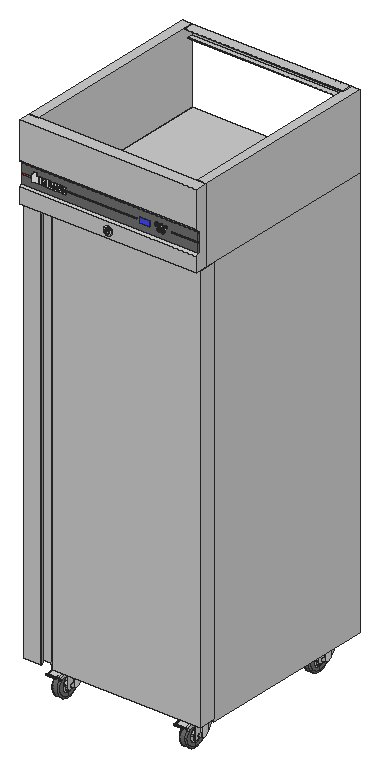
Revit family "QF_INOMAK_CBP172_250513090632", category Specialty Equipment, Revit 2021
Family settings
  Round Connector Dimension = Use Diameter
  Part Type = Normal
  OmniClass Number = 23.40.40.14
  OmniClass Title = Food Service Equipment
  Work Plane-Based = No
  Always vertical = Yes
  Cut with Voids When Loaded = No
  Shared = No
  Room Calculation Point = No
Parameters (values of type "CBP172")
  Weight [instance] = 124.00 kg
  Warranty Start Date [instance] = ""
  Warranty Duration [instance] = ""
  Volts [instance] = 230 V
  Volt Free Conn [instance] = no
  URL Recommended Spares List [instance] = ""
  URL Manufacturer [instance] = ""
  URL Cutsheet [instance] = ""
  URL Critical Spares List [instance] = ""
  URL = "www.inomak.com"
  Technical Documentation [instance] = ""
  Tag Number [instance] = ""
  Status [instance] = ""
  Start Up Current [instance] = 0 A
  Specification by User [instance] = ""
  Specification by Manufacturer [instance] = ""
  Sound Level [instance] = ""
  Show Logo [instance] = yes
  Show Clearances [instance] = yes
  Service Life Duration [instance] = ""
  Serial Number [instance] = ""
  Seismic Rating [instance] = ""
  SMACNA No [instance] = ""
  Revision Code [instance] = ""
  Revision [instance] = ""
  Production Year [instance] = ""
  Potential Equalisation [instance] = no
  Point Load [instance] = 0
  Phase [instance] = 1
  Other Equipment Approvals [instance] = ""
  Operational Current [instance] = 0 A
  Number of Poles [instance] = 2
  No Load Power Draw [instance] = no
  NAFEM Spec ID Number [instance] = ""
  Model Warning [instance] = ""
  Model = "CBP172"
  Min Ckt Ampacity [instance] = 0 A
  Max Overcurrent Protection [instance] = 10 A
  Masterspec [instance] = ""
  Manufacturer = "INOMAK"
  Main switch integrated [instance] = no
  Length Actual [instance] = 720 mm
  Item Number [instance] = ""
  Installed By [instance] = ""
  Installation Date [instance] = ""
  Identify Quantity as Lot [instance] = no
  ID [instance] = ""
  Hygiene Approval [instance] = ""
  Height Actual [instance] = 2100 mm
  HP power [instance] = ""
  Furnished By [instance] = ""
  Foodservice Equipment Identifier [instance] = no
  FL Amps [instance] = 3.4 A
  Electrical Remarks [instance] = ""
  Electric power [instance] = 590 W
  Electric Connection Type [instance] = ""
  Elec Conn RI Height [instance] = 0 mm
  Elec Conn Connection Height [instance] = 0 mm
  ETL Approved [instance] = no
  Description = "CASTANEA FREEZER CABINET WITH 1 GN 2/1 DOOR"
  Depth Actual [instance] = 868 mm
  Default Elevation = 0 mm
  Cycle [instance] = 50 Hz
  Cost = 0
  Connection to energy optimisation system [instance] = yes
  Conn Plug [instance] = ""
  Conn Conduit [instance] = no
  Centralized building control system with digital interface [instance] = ""
  CSI MasterFormat [instance] = ""
  CE Approved [instance] = no
  Barcode [instance] = 0
  Author [instance] = ""
  Asset Identifier [instance] = ""
  Apparent Power [instance] = 590 VA
  Accessory [instance] = no
Reference planes
  plane 1 "Center (Front/Back)": y = 0
  plane 2: z = 0
  plane 3 "Center (Left/Right)": x = 0
Forms (mm)
  Extrusion 1, solid, not visible
    sketch origin (590.029, -2, 1930.094) x (1, 0, 0) y (0, 1, 0)
      loop
        line (-2, 2) -> (-2, -2) -> (2, -2) -> (2, 2) -> (-2, 2)
    from -2 to 2
Dimensions and locks
  locked: Extrusion 1 to nested 2
  locked: nested 2 to Extrusion 1 at 2
  aligned and locked: level to plane 2
Nested families
  nested 1: "QF_INOMAK_REF_CABINETS_172_2920" at (0, 0, 130), type "CBP172"
    with Weight 124.00 kg, Warranty Start Date "", Warranty Duration "", URL Cutsheet "", Technical Documentation "", Tag Number "", Status "", Specification by User "", Specification by Manufacturer "", Sound Level "", Solid Fuel Type "", Show Clearances yes, Service Life Duration "", Serial Number "", Seismic Rating "", SMACNA No "", Revision Code "", Revision "", Production Year "", Point Load 0, Other Equipment Approvals "", NAFEM Spec ID Number "", Model Warning "", Masterspec "", Length Actual 720 mm, Item Number "", Installed By "", Installation Date "", Identify Quantity as Lot yes, ID "", Hygiene Approval "", Height Actual 2100 mm, Furnished By "", Foodservice Equipment Identifier yes, Finish none, ETL Approved yes, Depth Actual 868 mm, CSI MasterFormat "", CE Approved yes, Barcode "", Author "", Asset Identifier "", Accessory no
  nested 2: "CONN_POINT_ELE_2D___Generic_Annotation" at (590.029, 0, 1930.094), type "CONN_POINT_ELE_2D___Generic_Annotation"
    with Onboard connection annotation symbol visibility yes
  nested 3: "QF_INOMAK_C172-DR-RX_4567" at (0, -832, 130), type "C172-DR-RX"
    with Weight 0.00 kg, Warranty Start Date "", Warranty Duration "", URL Cutsheet "", Technical Documentation "", Tag Number "", Status "", Specification by User "", Specification by Manufacturer "", Sound Level "", Solid Fuel Type "", Show Logo yes, Show Clearances yes, Show Clearance yes, Service Life Duration "", Serial Number "", Seismic Rating "", SMACNA No "", Revision Code "", Revision "", Production Year "", Point Load 0, Other Equipment Approvals "", NAFEM Spec ID Number "", Model Warning "", Masterspec "", Length Actual 720 mm, Item Number "", Installed By "", Installation Date "", Identify Quantity as Lot yes, ID "", Hygiene Approval "", Height Actual 1982 mm, Furnished By "", Foodservice Equipment Identifier yes, Finish none, ETL Approved yes, Depth Actual 70 mm, CSI MasterFormat "", CE Approved yes, Barcode "", Author "", Asset Identifier "", Accessory yes
  nested 4: "QF_INOMAK_CASTORS_5439" at (0, 0, 0), type "CT-720-830"
    with Weight 0.00 kg, Warranty Start Date "", Warranty Duration "", URL Cutsheet "", Technical Documentation "", Tag Number "", Status "", Specification by User "", Specification by Manufacturer "", Sound Level "", Solid Fuel Type "", Show Logo yes, Show Clearances yes, Service Life Duration "", Serial Number "", Seismic Rating "", SMACNA No "", Revision Code "", Revision "", Production Year "", Point Load 0, Other Equipment Approvals "", NAFEM Spec ID Number "", Model Warning "", Masterspec "", Length Actual 720 mm, Item Number "", Installed By "", Installation Date "", Identify Quantity as Lot yes, ID "", Hygiene Approval "", Height Actual 130 mm, Furnished By "", Foodservice Equipment Identifier yes, ETL Approved yes, Depth Actual 830 mm, CSI MasterFormat "", CE Approved yes, Barcode "", Author "", Asset Identifier "", Accessory yes
Connectors
  electrical at (590.029, 0, 1930.094), driven by "Apparent Power", driven by "Number of Poles", driven by "Volts"
    settings: on Extrusion 1, index 1, voltage 230 V, apparent load 0 VA, apparent load phase1 590 VA, apparent load phase2 0 VA, apparent load phase3 0 VA, power factor 1, load classification "Other", number of poles 2, system type 31, power factor state 1, is connector primary yes, connector utility no, sub classification motor no, connector description "Electrical connection for CBP172"
Definition of nested family "QF_INOMAK_REF_CABINETS_172_2920"
  Parameters (values of type "CAP172-GL")
    Weight [instance] = 0.00 kg
    Warranty Start Date [instance] = ""
    Warranty Duration [instance] = ""
    URL Cutsheet [instance] = ""
    URL = "www.inomak.com"
    Technical Documentation [instance] = ""
    Tag Number [instance] = ""
    Status [instance] = ""
    Specification by User [instance] = ""
    Specification by Manufacturer [instance] = ""
    Sound Level [instance] = ""
    Solid Fuel Type [instance] = ""
    Show Logo = yes
    Show Clearances [instance] = yes
    Service Life Duration [instance] = ""
    Serial Number [instance] = ""
    Seismic Rating [instance] = ""
    SMACNA No [instance] = ""
    Revision Code [instance] = ""
    Revision [instance] = ""
    Production Year [instance] = ""
    Point Load [instance] = 0
    Other Equipment Approvals [instance] = ""
    NAFEM Spec ID Number [instance] = ""
    Model Warning [instance] = ""
    Model = "CAP172/GL"
    Masterspec [instance] = ""
    Manufacturer = "INOMAK"
    Length Actual [instance] = 0 mm
    Length = 720 mm
    Item Number [instance] = ""
    Installed By [instance] = ""
    Installation Date [instance] = ""
    Identify Quantity as Lot [instance] = yes
    ID [instance] = ""
    Hygiene Approval [instance] = ""
    Height Actual [instance] = 0 mm
    Height = 1985 mm
    Furnished By [instance] = ""
    Foodservice Equipment Identifier [instance] = yes
    Finish [instance] = none
    ETL Approved [instance] = yes
    Description = "PRUNUS CHILLER CABINET WITH 1 GN 2/1 GLASS DOOR"
    Depth Actual [instance] = 0 mm
    Depth = 824 mm
    Default Elevation = 0 mm
    CSI MasterFormat [instance] = ""
    CE Approved [instance] = yes
    Barcode [instance] = ""
    Author [instance] = ""
    Asset Identifier [instance] = ""
    Assembly Code = "E1090320"
    Accessory [instance] = yes
  Types (8, lengths in mm): name | Model | Description | Depth
    CAP172 | "CAP172" | "CYPRESS CHILLER CABINET WITH 1 GN 2/1 DOOR" | 832
    CAP172-GL | "CAP172/GL" | "PRUNUS CHILLER CABINET WITH 1 GN 2/1 GLASS DOOR" | 824
    CBP172-GL | "CBP172/GL" | "PRUNUS FREEZER CABINET WITH 1 GN 2/1 GLASS DOOR" | 824
    CBP172 | "CBP172" | "CASTANEA FREEZER CABINET WITH 1 GN 2/1 DOOR" | 832
    CAP172-SL | "CAP172/SL" | "CLOVER CHILLER CABINET WITH 1 DOOR, COMPACT DIMENSIONS" | 732
    CBP172-SL | "CBP172/SL" | "CLOVER FREEZER CABINET WITH 1 DOOR, COMPACT DIMENSIONS" | 732
    CAP172-SL-GL | "CAP172/SL/GL" | "PRUNUS CHILLER CABINET WITH 1 GLASS DOOR, COMPACT DIMENSIONS" | 724
    CBP172-SL-GL | "CBP172/SL/GL" | "PRUNUS FREEZER CABINET WITH 1 GLASS DOOR, COMPACT DIMENSIONS" | 724
  Reference planes
    plane 1 "Back": y = 0
    plane 2: z = 0
    plane 3 "Left": x = 0
    plane 4 "Right": x = 720
    plane 5 "Front": y = -824
    plane 6 "Top": z = 1985
  Forms (mm)
    Extrusion 1, solid
      sketch origin (-1732.685, -824, 3995) x (-1, 0, 0) y (0, 0, 1)
        loop
          circle (-2284.815, -2199.02) r 6.965
        loop
          circle (-2301.846, -2199.02) r 6.965
        loop
          circle (-2318.855, -2199.02) r 6.965
        loop
          circle (-2293.341, -2217.021) r 6.965
        loop
          circle (-2310.35, -2217.021) r 6.965
        loop
          circle (-2284.815, -2199.02) r 3.965
        loop
          circle (-2301.846, -2199.02) r 3.965
        loop
          circle (-2318.855, -2199.02) r 3.965
        loop
          circle (-2293.341, -2217.021) r 3.965
        loop
          circle (-2310.35, -2217.021) r 3.965
      from 7.3 to 10.302
    Extrusion 2, solid
      sketch origin (-1732.685, -824, 3995) x (-1, 0, 0) y (0, 0, 1)
        loop
          line (-2257.026, -2195.289) -> (-2257.026, -2218.289) -> (-2217.026, -2218.289) -> (-2217.026, -2195.289) -> (-2257.026, -2195.289)
      from 7.3 to 10.302
    Extrusion 3, solid
      sketch origin (-1732.685, -824, 3995) x (-1, 0, 0) y (0, 0, 1)
        loop
          line (-1732.685, -2167.27) -> (-2452.685, -2167.27) -> (-2452.685, -2246.309) -> (-1732.685, -2246.309) -> (-1732.685, -2167.27)
      from 7.8 to 10.302
    Extrusion 4, solid, visible <- "Show Logo"
      sketch origin (-1732.685, -824, 3995) x (-1, 0, 0) y (0, 0, 1)
        loop
          line (-1776.745, -2194.74) -> (-1782.745, -2194.74) -> (-1782.745, -2183.633) -> (-1796.982, -2183.633) -> (-1796.982, -2194.74) -> (-1802.982, -2194.74) -> (-1802.982, -2220.99) -> (-1776.745, -2220.99) -> (-1776.745, -2194.74)
        loop
          line (-1807.298, -2195.052) -> (-1814.587, -2195.052) -> (-1814.587, -2220.99) -> (-1807.298, -2220.99) -> (-1807.298, -2195.052)
        loop
          line (-1817.107, -2220.99) -> (-1817.107, -2195.052) -> (-1823.94, -2195.052) -> (-1827.134, -2206.971) -> (-1827.134, -2195.052) -> (-1833.666, -2195.052) -> (-1833.666, -2220.99) -> (-1827.134, -2220.99) -> (-1823.42, -2207.127) -> (-1823.42, -2220.99) -> (-1817.107, -2220.99)
        loop
          line (-1854.348, -2220.99) -> (-1854.348, -2195.052) -> (-1863.311, -2195.052) -> (-1865.673, -2209.062) -> (-1868.035, -2195.052) -> (-1876.997, -2195.052) -> (-1876.997, -2220.99) -> (-1870.372, -2220.99) -> (-1870.372, -2207.127) -> (-1868.035, -2220.99) -> (-1863.311, -2220.99) -> (-1860.973, -2207.127) -> (-1860.973, -2220.99) -> (-1854.348, -2220.99)
        loop
          line (-1839.536, -2195.052) -> (-1848.861, -2195.052)
          arc (-1848.861, -2195.052) -> (-1851.458, -2196.128) -> (-1852.533, -2198.724) r 3.672
          line (-1852.533, -2198.724) -> (-1852.533, -2217.318)
          arc (-1852.533, -2217.318) -> (-1851.458, -2219.914) -> (-1848.861, -2220.99) r 3.672
          line (-1848.861, -2220.99) -> (-1839.536, -2220.99)
          arc (-1839.536, -2220.99) -> (-1836.939, -2219.914) -> (-1835.864, -2217.318) r 3.672
          line (-1835.864, -2217.318) -> (-1835.864, -2198.724)
          arc (-1835.864, -2198.724) -> (-1836.939, -2196.128) -> (-1839.536, -2195.052) r 3.672
        loop
          arc (-1843.172, -2198.208) -> (-1844.198, -2197.181) -> (-1845.225, -2198.208) r 1.027
          line (-1845.225, -2198.208) -> (-1845.225, -2216.801)
          arc (-1845.225, -2216.801) -> (-1844.198, -2217.828) -> (-1843.172, -2216.801) r 1.027
          line (-1843.172, -2216.801) -> (-1843.172, -2198.208)
        loop
          line (-1878.066, -2220.99) -> (-1882.439, -2195.052) -> (-1891.3, -2195.052) -> (-1895.673, -2220.99) -> (-1889.146, -2220.99) -> (-1888.536, -2216.027) -> (-1885.203, -2216.027) -> (-1884.593, -2220.99) -> (-1878.066, -2220.99)
        loop
          line (-1885.759, -2211.498) -> (-1886.87, -2202.452) -> (-1887.98, -2211.498) -> (-1885.759, -2211.498)
        loop
          line (-1896.638, -2220.99) -> (-1896.638, -2195.052) -> (-1903.263, -2195.052) -> (-1903.263, -2204.165) -> (-1906.049, -2195.052) -> (-1913.487, -2195.052) -> (-1909.159, -2206.329) -> (-1914.207, -2220.99) -> (-1906.623, -2220.99) -> (-1903.263, -2208.45) -> (-1903.263, -2220.99) -> (-1896.638, -2220.99)
      from 7.3 to 10.3
    Extrusion 5, solid
      sketch origin (-1732.685, -824, 3995) x (-1, 0, 0) y (0, 0, 1)
        loop
          line (-1732.685, -2204.789) -> (-1769.679, -2204.789) -> (-1769.679, -2208.789) -> (-1732.685, -2208.789) -> (-1732.685, -2204.789)
        loop
          line (-1918.161, -2204.789) -> (-2202.526, -2204.789) -> (-2202.526, -2208.789) -> (-1918.161, -2208.789) -> (-1918.161, -2204.789)
        loop
          line (-2452.685, -2204.789) -> (-2452.685, -2208.789) -> (-2344.916, -2208.789) -> (-2344.916, -2204.789) -> (-2452.685, -2204.789)
      from 7.3 to 10.302
    Extrusion 6, solid, material <- "Finish"
      sketch origin (0, 24.612, -1982) x (0, 1, 0) y (0, 0, 1)
        loop
          line (-848.612, 3967) -> (-848.612, 3818.032) -> (-840.31, 3809.73) -> (-840.31, 3730.691) -> (-848.612, 3722.389) -> (-848.612, 3662) -> (-798.612, 3662) -> (-798.612, 3967) -> (-848.612, 3967)
      from 0 to 720
    Extrusion 7, solid, material <- "Finish"
      sketch origin (0, 0, 1985) x (0, 1, 0) y (-1, 0, 0)
        loop
          line (-774, 0) -> (-774, -35) -> (0, -35) -> (0, 0) -> (-774, 0)
      from 0 to -305
    Extrusion 8, solid, material <- "Finish"
      sketch origin (0, 0, 1985) x (0, 1, 0) y (-1, 0, 0)
        loop
          line (-774, -720) -> (0, -720) -> (0, -685) -> (-774, -685) -> (-774, -720)
      from 0 to -305
    Extrusion 9, solid, material <- "Finish"
      sketch origin (0, 24.612, -1987) x (0, 1, 0) y (0, 0, 1)
        loop
          line (-798.612, 3863.915) -> (-798.612, 3667) -> (-678.934, 3667) -> (-678.934, 3744.237) -> (-798.612, 3863.915)
      from 35 to 685
    Extrusion 10, solid, material <- "Finish"
      sketch origin (0, 24.612, -123) x (0, 1, 0) y (0, 0, 1)
        loop
          line (-675.378, 1910.946) -> (-690.935, 1926.502) -> (-709.143, 1908.294) -> (-707.729, 1906.88) -> (-690.935, 1923.674) -> (-676.793, 1909.532) -> (-675.378, 1910.946)
      from 114.953 to 225
    Extrusion 11, solid, material <- "Finish"
      sketch origin (394.212, 24.612, -123) x (0, 1, 0) y (0, 0, 1)
        loop
          line (-675.378, 1910.946) -> (-690.935, 1926.502) -> (-709.143, 1908.294) -> (-707.729, 1906.88) -> (-690.935, 1923.674) -> (-676.793, 1909.532) -> (-675.378, 1910.946)
      from 114.953 to 225
    Extrusion 12, solid, material <- "Finish"
      sketch origin (0, 30.903, -1982) x (0, 1, 0) y (0, 0, 1)
        loop
          line (-30.903, 3967) -> (-70.903, 3967) -> (-70.903, 3965) -> (-32.903, 3965) -> (-32.903, 3929) -> (-55.903, 3929) -> (-55.903, 3927) -> (-30.903, 3927) -> (-30.903, 3967)
      from 35 to 685
    Extrusion 13, solid, material <- "Finish"
      sketch origin (0, 30.903, -118) x (0, 1, 0) y (0, 0, 1)
        loop
          line (-30.903, 1798) -> (-764.903, 1798) -> (-764.903, 1733) -> (-100.876, 1733) -> (-100.876, 191) -> (-764.903, 191) -> (-764.903, 118) -> (-30.903, 118) -> (-30.903, 1798)
      from 35 to 685
    Extrusion 14, solid, material <- "Finish"
      sketch origin (0, 0, 0) x (1, 0, 0) y (0, 1, 0)
        loop
          line (0, -734) -> (35, -734) -> (35, 0) -> (0, 0) -> (0, -734)
      from 0 to 1680
    Extrusion 15, solid, material <- "Finish"
      sketch origin (0, 0, 0) x (1, 0, 0) y (0, 1, 0)
        loop
          line (720, -734) -> (720, 0) -> (685, 0) -> (685, -734) -> (720, -734)
      from 0 to 1680
    Revolve 16, solid
      sketch origin (358.942, 24.612, -1987) x (0, 1, 0) y (0, 0, 1)
        loop
          line (-851.012, 3694.152) -> (-848.612, 3694.152) -> (-848.612, 3711.145) -> (-849.612, 3711.145) -> (-853.012, 3706.633) -> (-853.012, 3702.998) -> (-851.012, 3702.998) -> (-851.012, 3694.152)
        axis (-848.612, 3694.152) -> (-853.012, 3694.152)
      angle from 0 to 360
    Extrusion 17, solid
      sketch origin (-1732.685, -824, 3995) x (-1, 0, 0) y (0, 0, 1)
        loop
          line (-2090.827, -2284.348) -> (-2092.827, -2284.348) -> (-2092.827, -2291.348) -> (-2090.827, -2291.348) -> (-2090.827, -2284.348)
        loop
          circle (-2091.627, -2287.848) r 7.846
      from -4.4 to -2.4
    Extrusion 18, solid, material <- "Finish"
      sketch origin (0, 30.903, -118) x (1, 0, 0) y (0, 1, 0)
        loop
          line (187, 5.097) -> (187, -29.903) -> (175, -29.903) -> (175, -30.903) -> (545, -30.903) -> (545, -29.903) -> (533, -29.903) -> (533, 5.097) -> (187, 5.097)
      from 1156 to 1531
    Extrusion 19, solid, material <- "Finish"
      sketch origin (100, 30.903, -118) x (1, 0, 0) y (0, 1, 0)
        loop
          line (339, 0.097) -> (339, -29.903) -> (325, -29.903) -> (325, -30.903) -> (340, -30.903) -> (340, -0.903) -> (393, -0.903) -> (393, -30.903) -> (408, -30.903) -> (408, -29.903) -> (394, -29.903) -> (394, 0.097) -> (339, 0.097)
      from 1531 to 1793
  Lines and regions (mm)
    symbolic lines
      curve 1: line (0, 0, 0) -> (720, 0, 0)
      curve 2: line (0, -824, 0) -> (0, 0, 0)
      curve 3: line (720, -824, 0) -> (0, -824, 0)
      curve 4: line (720, 0, 0) -> (720, -824, 0)
      curve 5: line (187, 1, 0) -> (187, 36, 0)
      curve 6: line (187, 36, 0) -> (533, 36, 0)
      curve 7: line (533, 36, 0) -> (533, 1, 0)
      curve 8: line (35, 0, 0) -> (35, -774, 0)
      curve 9: line (35, -774, 0) -> (685, -774, 0)
      curve 10: line (685, -774, 0) -> (685, 0, 0)
      curve 11: line (35, -40, 0) -> (685, -40, 0)
      curve 12: line (35, -654.322, 0) -> (685, -654.322, 0)
      curve 13: line (187, 1, 0) -> (175, 1, 0)
      curve 14: line (175, 1, 0) -> (175, 0, 0)
      curve 15: line (533, 1, 0) -> (545, 1, 0)
      curve 16: line (545, 1, 0) -> (545, 0, 0)
      curve 17: line (425, 0, 0) -> (425, 1, 0)
      curve 18: line (425, 1, 0) -> (439, 1, 0)
      curve 19: line (439, 1, 0) -> (439, 31, 0)
      curve 20: line (439, 31, 0) -> (494, 31, 0)
      curve 21: line (494, 31, 0) -> (494, 1, 0)
      curve 22: line (494, 1, 0) -> (508, 1, 0)
      curve 23: line (508, 1, 0) -> (508, 0, 0)
  Dimensions and locks
    plane 3 "Left" to plane 4 "Right" = 720 mm
    "Depth": plane 5 "Front" to plane 1 "Back"
    "Height": plane 6 "Top" to level
    plane 6 "Top" to level = 1985 mm
    aligned and locked: level to plane 2
  Automatic sketch dimensions
    Extrusion 1 sketch curve to Extrusion 1 sketch curve = 0 mm  (x13)
    plane 4 "Right" to Extrusion 1 sketch curve = 133.83 mm
    Extrusion 1 sketch curve to Extrusion 1 sketch curve = 8.505 mm
    Extrusion 1 sketch curve to Extrusion 1 sketch curve = 17.009 mm  (x2)
    Extrusion 1 sketch curve to Extrusion 1 sketch curve = 17.03 mm
    Extrusion 1 sketch curve to plane 6 "Top" = 207.021 mm
    Extrusion 1 sketch curve to Extrusion 1 sketch curve = 18.001 mm
    plane 4 "Right" to Extrusion 2 sketch curve = 195.659 mm
    Extrusion 2 sketch curve to Extrusion 2 sketch curve = 40 mm
    Extrusion 2 sketch curve to plane 6 "Top" = 208.289 mm
    Extrusion 2 sketch curve to Extrusion 2 sketch curve = 23 mm
    plane 4 "Right" to Extrusion 3 sketch curve = 0 mm
    Extrusion 3 sketch curve to plane 3 "Left" = 0 mm
    Extrusion 3 sketch curve to plane 6 "Top" = 236.309 mm
    Extrusion 3 sketch curve to Extrusion 3 sketch curve = 79.039 mm
    plane 3 "Left" to Extrusion 4 sketch curve = 181.522 mm
    Extrusion 4 sketch curve to Extrusion 4 sketch curve = 0.72 mm
    Extrusion 4 sketch curve to Extrusion 4 sketch curve = 4.329 mm
    Extrusion 4 sketch curve to Extrusion 4 sketch curve = 7.584 mm
    Extrusion 4 sketch curve to Extrusion 4 sketch curve = 7.438 mm
    Extrusion 4 sketch curve to Extrusion 4 sketch curve = 5.895 mm
    Extrusion 4 sketch curve to Extrusion 4 sketch curve = 0 mm  (x16)
    Extrusion 4 sketch curve to Extrusion 4 sketch curve = 6.625 mm  (x2)
    Extrusion 4 sketch curve to Extrusion 4 sketch curve = 0.965 mm
    Extrusion 4 sketch curve to Extrusion 4 sketch curve = 5.338 mm
    Extrusion 4 sketch curve to Extrusion 4 sketch curve = 6.527 mm  (x2)
    Extrusion 4 sketch curve to Extrusion 4 sketch curve = 0.609 mm
    Extrusion 4 sketch curve to Extrusion 4 sketch curve = 0.556 mm
    Extrusion 4 sketch curve to Extrusion 4 sketch curve = 4.43 mm  (x2)
    Extrusion 4 sketch curve to Extrusion 4 sketch curve = 2.222 mm
    Extrusion 4 sketch curve to Extrusion 4 sketch curve = 3.334 mm
    Extrusion 4 sketch curve to Extrusion 4 sketch curve = 4.552 mm
    Extrusion 4 sketch curve to Extrusion 4 sketch curve = 1.069 mm
    Extrusion 4 sketch curve to Extrusion 4 sketch curve = 8.962 mm  (x2)
    Extrusion 4 sketch curve to Extrusion 4 sketch curve = 2.337 mm
    Extrusion 4 sketch curve to Extrusion 4 sketch curve = 4.699 mm  (x2)
    Extrusion 4 sketch curve to Extrusion 4 sketch curve = 4.724 mm  (x2)
    Extrusion 4 sketch curve to Extrusion 4 sketch curve = 1.815 mm
    Extrusion 4 sketch curve to Extrusion 4 sketch curve = 3.672 mm  (x6)
    Extrusion 4 sketch curve to Extrusion 4 sketch curve = 3.636 mm  (x3)
    Extrusion 4 sketch curve to Extrusion 4 sketch curve = 1.027 mm
    Extrusion 4 sketch curve to Extrusion 4 sketch curve = 2.197 mm
    Extrusion 4 sketch curve to Extrusion 4 sketch curve = 6.532 mm  (x2)
    Extrusion 4 sketch curve to Extrusion 4 sketch curve = 3.194 mm
    Extrusion 4 sketch curve to Extrusion 4 sketch curve = 3.714 mm
    Extrusion 4 sketch curve to Extrusion 4 sketch curve = 6.312 mm
    Extrusion 4 sketch curve to Extrusion 4 sketch curve = 2.52 mm
    Extrusion 4 sketch curve to Extrusion 4 sketch curve = 7.29 mm
    Extrusion 4 sketch curve to Extrusion 4 sketch curve = 4.315 mm
    Extrusion 4 sketch curve to Extrusion 4 sketch curve = 6 mm
    Extrusion 4 sketch curve to Extrusion 4 sketch curve = 14.237 mm
    Extrusion 4 sketch curve to Extrusion 4 sketch curve = 26.237 mm
    Extrusion 4 sketch curve to plane 6 "Top" = 210.99 mm
    Extrusion 4 sketch curve to Extrusion 4 sketch curve = 0.516 mm  (x2)
    Extrusion 4 sketch curve to Extrusion 4 sketch curve = 4.963 mm
    Extrusion 4 sketch curve to Extrusion 4 sketch curve = 4.529 mm
    Extrusion 4 sketch curve to Extrusion 4 sketch curve = 11.927 mm
    Extrusion 4 sketch curve to Extrusion 4 sketch curve = 12.539 mm
    Extrusion 4 sketch curve to Extrusion 4 sketch curve = 1.935 mm  (x2)
    Extrusion 4 sketch curve to Extrusion 4 sketch curve = 13.862 mm
    Extrusion 4 sketch curve to Extrusion 4 sketch curve = 0.157 mm
    Extrusion 4 sketch curve to Extrusion 4 sketch curve = 2.122 mm
    Extrusion 4 sketch curve to Extrusion 4 sketch curve = 4.285 mm
    Extrusion 4 sketch curve to Extrusion 4 sketch curve = 9.047 mm
    Extrusion 4 sketch curve to Extrusion 4 sketch curve = 8.403 mm
    Extrusion 4 sketch curve to Extrusion 4 sketch curve = 12.075 mm
    Extrusion 4 sketch curve to Extrusion 4 sketch curve = 26.25 mm
    Extrusion 4 sketch curve to Extrusion 4 sketch curve = 0.312 mm
    Extrusion 4 sketch curve to Extrusion 4 sketch curve = 11.107 mm
    plane 4 "Right" to Extrusion 5 sketch curve = 0 mm
    Extrusion 5 sketch curve to plane 3 "Left" = 0 mm
    plane 4 "Right" to Extrusion 5 sketch curve = 107.768 mm
    Extrusion 5 sketch curve to Extrusion 5 sketch curve = 142.39 mm
    plane 3 "Left" to Extrusion 5 sketch curve = 185.476 mm
    plane 3 "Left" to Extrusion 5 sketch curve = 36.995 mm
    Extrusion 5 sketch curve to plane 6 "Top" = 198.789 mm
    Extrusion 5 sketch curve to Extrusion 5 sketch curve = 0 mm  (x2)
    Extrusion 5 sketch curve to Extrusion 5 sketch curve = 4 mm  (x3)
    Extrusion 6 sketch curve to plane 5 "Front" = 0 mm  (x2)
    Extrusion 6 sketch curve to plane 6 "Top" = 0 mm
    plane 5 "Front" to Extrusion 6 sketch curve = 8.302 mm
    Extrusion 6 sketch curve to Extrusion 6 sketch curve = 50 mm
    Extrusion 6 sketch curve to plane 6 "Top" = 148.968 mm
    Extrusion 6 sketch curve to Extrusion 6 sketch curve = 8.302 mm  (x2)
    Extrusion 6 sketch curve to Extrusion 6 sketch curve = 79.039 mm
    Extrusion 6 sketch curve to Extrusion 6 sketch curve = 60.389 mm
    Extrusion 7 sketch curve to plane 3 "Left" = 0 mm
    plane 1 "Back" to Extrusion 7 sketch curve = 0 mm
    plane 5 "Front" to Extrusion 7 sketch curve = 50 mm
    plane 3 "Left" to Extrusion 7 sketch curve = 35 mm
    Extrusion 8 sketch curve to plane 4 "Right" = 0 mm
    plane 1 "Back" to Extrusion 8 sketch curve = 0 mm
    plane 5 "Front" to Extrusion 8 sketch curve = 50 mm
    plane 4 "Right" to Extrusion 8 sketch curve = 35 mm
    plane 5 "Front" to Extrusion 9 sketch curve = 50 mm
    Extrusion 9 sketch curve to Extrusion 9 sketch curve = 119.678 mm
    Extrusion 9 sketch curve to plane 6 "Top" = 305 mm
    Extrusion 9 sketch curve to Extrusion 9 sketch curve = 77.237 mm
    Extrusion 9 sketch curve to plane 6 "Top" = 108.085 mm
    plane 5 "Front" to Extrusion 10 sketch curve = 139.47 mm
    Extrusion 10 sketch curve to Extrusion 10 sketch curve = 1.414 mm  (x2)
    Extrusion 10 sketch curve to Extrusion 10 sketch curve = 16.794 mm
    Extrusion 10 sketch curve to Extrusion 10 sketch curve = 0 mm
    Extrusion 10 sketch curve to Extrusion 10 sketch curve = 14.142 mm
    Extrusion 10 sketch curve to plane 6 "Top" = 201.12 mm
    plane 5 "Front" to Extrusion 11 sketch curve = 139.47 mm
    Extrusion 11 sketch curve to Extrusion 11 sketch curve = 1.414 mm  (x2)
    Extrusion 11 sketch curve to Extrusion 11 sketch curve = 16.794 mm
    Extrusion 11 sketch curve to Extrusion 11 sketch curve = 0 mm
    Extrusion 11 sketch curve to Extrusion 11 sketch curve = 14.142 mm
    Extrusion 11 sketch curve to plane 6 "Top" = 201.12 mm
    Extrusion 12 sketch curve to plane 6 "Top" = 0 mm
    Extrusion 12 sketch curve to plane 1 "Back" = 0 mm
    plane 1 "Back" to Extrusion 12 sketch curve = 2 mm
    Extrusion 12 sketch curve to Extrusion 12 sketch curve = 23 mm
    Extrusion 12 sketch curve to Extrusion 12 sketch curve = 38 mm
    Extrusion 12 sketch curve to plane 6 "Top" = 2 mm
    Extrusion 12 sketch curve to Extrusion 12 sketch curve = 36 mm
    Extrusion 12 sketch curve to Extrusion 12 sketch curve = 2 mm
    Extrusion 13 sketch curve to level = 0 mm
    Extrusion 13 sketch curve to plane 1 "Back" = 0 mm
    plane 1 "Back" to Extrusion 13 sketch curve = 69.973 mm
    plane 5 "Front" to Extrusion 13 sketch curve = 90 mm  (x2)
    level to Extrusion 13 sketch curve = 73 mm
    Extrusion 13 sketch curve to plane 6 "Top" = 370 mm
    Extrusion 13 sketch curve to Extrusion 13 sketch curve = 65 mm
    plane 1 "Back" to Extrusion 14 sketch curve = 0 mm
    Extrusion 14 sketch curve to plane 3 "Left" = 0 mm
    plane 3 "Left" to Extrusion 14 sketch curve = 35 mm
    plane 5 "Front" to Extrusion 14 sketch curve = 90 mm
    plane 1 "Back" to Extrusion 15 sketch curve = 0 mm
    Extrusion 15 sketch curve to plane 4 "Right" = 0 mm
    Extrusion 15 sketch curve to Extrusion 15 sketch curve = 35 mm
    plane 5 "Front" to Extrusion 15 sketch curve = 90 mm
    Revolve 16 sketch curve to plane 5 "Front" = 0 mm
    Revolve 16 sketch curve to plane 5 "Front" = 1 mm
    Revolve 16 sketch curve to plane 5 "Front" = 2.4 mm
    Revolve 16 sketch curve to Revolve 16 sketch curve = 2 mm
    Revolve 16 sketch curve to plane 6 "Top" = 277.848 mm
    Revolve 16 sketch curve to Revolve 16 sketch curve = 8.846 mm
    Revolve 16 sketch curve to Revolve 16 sketch curve = 3.635 mm
    Revolve 16 sketch curve to Revolve 16 sketch curve = 4.512 mm
    Revolve 16 sketch curve to Revolve 16 sketch curve = 0 mm  (x2)
    Revolve 16 sketch curve to Revolve 16 sketch curve = 4.096 mm
    plane 4 "Right" to Extrusion 17 sketch curve = 359.858 mm
    Extrusion 17 sketch curve to Extrusion 17 sketch curve = 1.2 mm
    Extrusion 17 sketch curve to Extrusion 17 sketch curve = 2 mm
    Extrusion 17 sketch curve to plane 6 "Top" = 281.348 mm
    Extrusion 17 sketch curve to Extrusion 17 sketch curve = 3.5 mm  (x2)
    plane 1 "Back" to Extrusion 18 sketch curve = 0 mm
    Extrusion 18 sketch curve to plane 1 "Back" = 1 mm  (x2)
    plane 3 "Left" to Extrusion 18 sketch curve = 175 mm
    Extrusion 18 sketch curve to Extrusion 18 sketch curve = 12 mm  (x2)
    Extrusion 18 sketch curve to plane 1 "Back" = 36 mm
    plane 4 "Right" to Extrusion 18 sketch curve = 187 mm
    plane 1 "Back" to Extrusion 19 sketch curve = 0 mm  (x2)
    Extrusion 19 sketch curve to plane 1 "Back" = 1 mm  (x2)
    plane 3 "Left" to Extrusion 19 sketch curve = 425 mm
    Extrusion 19 sketch curve to Extrusion 19 sketch curve = 14 mm  (x2)
    Extrusion 19 sketch curve to plane 1 "Back" = 31 mm
    plane 4 "Right" to Extrusion 19 sketch curve = 226 mm
    Extrusion 19 sketch curve to Extrusion 19 sketch curve = 1 mm  (x3)
    curve 3 to plane 3 "Left" = 0 mm
    plane 1 "Back" to curve 8 = 0 mm
    curve 3 to plane 4 "Right" = 0 mm
    curve 4 to plane 5 "Front" = 0 mm
    plane 3 "Left" to curve 9 = 35 mm
    curve 14 to plane 1 "Back" = 1 mm
    curve 8 to curve 14 = 140 mm
    curve 13 to curve 13 = 12 mm
    curve 17 to plane 1 "Back" = 1 mm
    curve 5 to curve 17 = 238 mm
    curve 17 to curve 19 = 14 mm
    curve 19 to curve 21 = 55 mm
    curve 20 to curve 7 = 39 mm
    curve 15 to plane 1 "Back" = 1 mm
    curve 7 to curve 15 = 12 mm
    plane 4 "Right" to curve 9 = 35 mm
    plane 5 "Front" to curve 9 = 50 mm
    curve 22 to plane 1 "Back" = 1 mm
    curve 18 to curve 20 = 30 mm
    curve 7 to curve 6 = 35 mm
    curve 21 to curve 22 = 14 mm
    curve 9 to curve 12 = 119.678 mm
    plane 1 "Back" to curve 11 = 40 mm
    radius of Extrusion 1 sketch curve = 6.965 mm  (x5)
    radius of Extrusion 1 sketch curve = 3.965 mm  (x5)
    radius of Extrusion 17 sketch curve = 7.846 mm
Definition of nested family "QF_INOMAK_C172-DR-RX_4567"
  Parameters (values of type "C172-DR-RX")
    Weight [instance] = 0.00 kg
    Warranty Start Date [instance] = ""
    Warranty Duration [instance] = ""
    URL Cutsheet [instance] = ""
    URL = "www.inomak.com"
    Technical Documentation [instance] = ""
    Tag Number [instance] = ""
    Status [instance] = ""
    Specification by User [instance] = ""
    Specification by Manufacturer [instance] = ""
    Sound Level [instance] = ""
    Solid Fuel Type [instance] = ""
    Show Logo [instance] = yes
    Show Clearances [instance] = yes
    Show Clearance [instance] = yes
    Service Life Duration [instance] = ""
    Serial Number [instance] = ""
    Seismic Rating [instance] = ""
    SMACNA No [instance] = ""
    Revision Code [instance] = ""
    Revision [instance] = ""
    Production Year [instance] = ""
    Point Load [instance] = 0
    Other Equipment Approvals [instance] = ""
    NAFEM Spec ID Number [instance] = ""
    Model Warning [instance] = ""
    Model = "C172-DR-RX"
    Masterspec [instance] = ""
    Manufacturer = "INOMAK"
    Length Actual [instance] = 0 mm
    Item Number [instance] = ""
    Installed By [instance] = ""
    Installation Date [instance] = ""
    Identify Quantity as Lot [instance] = yes
    ID [instance] = ""
    Hygiene Approval [instance] = ""
    Height Actual [instance] = 0 mm
    Furnished By [instance] = ""
    Foodservice Equipment Identifier [instance] = yes
    Finish [instance] = none
    ETL Approved [instance] = yes
    Description = "RIGHT HINGED DOOR"
    Depth Actual [instance] = 0 mm
    Default Elevation = 0 mm
    CSI MasterFormat [instance] = ""
    CE Approved [instance] = yes
    Barcode [instance] = ""
    Author [instance] = ""
    Asset Identifier [instance] = ""
    Assembly Code = "E1090320"
    Accessory [instance] = yes
  Reference planes
    plane 1 "Back": y = 0
    plane 2: z = 0
    plane 3 "Left": x = 0
    plane 4 "Right": x = 720
    plane 5 "Front": y = 90
    plane 6 "Top": z = 1682
  Forms (mm)
    Extrusion 1, solid, visible <- "Show Clearance", detail levels coarse
      sketch origin (-154.804, 650, -18) x (1, 0, 0) y (0, 1, 0)
        loop
          line (874.804, -1300) -> (874.804, -630) -> (154.804, -630)
          arc (154.804, -630) -> (341.042, -1099.619) -> (804.804, -1300) r 660.076
          line (804.804, -1300) -> (874.804, -1300)
      from 28 to 1695
    Extrusion 2, solid, material <- "Finish"
      sketch origin (692, 81.553, 1286.729) x (0, 1, 0) y (-1, 0, 0)
        loop
          line (-61.553, -28) -> (8.447, -28) -> (8.447, 692) -> (-61.553, 692) -> (-61.553, 622.228)
          arc (-61.553, 622.228) -> (-60.614, 620.603) -> (-58.737, 620.603) r 1.877
          line (-58.737, 620.603) -> (-49.238, 626.088) -> (-45.56, 652.255) -> (-31.678, 650.304) -> (-31.678, 605.437) -> (-61.553, 575.562) -> (-61.553, -28)
      from -1276.729 to 390.271
  Lines and regions (mm)
    symbolic lines, visible <- "Show Clearance"
      curve 1: line (650, -650, 0) -> (720, -650, 0)
      curve 2: line (720, -650, 0) -> (720, 0, 0)
      curve 3: arc (0, 0, 0) -> (193.256, -456.744, 0) -> (650, -650, 0) r 660.076
  Dimensions and locks
    plane 3 "Left" to plane 4 "Right" = 720 mm
    plane 1 "Back" to plane 5 "Front" = 90 mm
    plane 6 "Top" to plane 2 = 1682 mm
    aligned and locked: level to plane 2
Definition of nested family "QF_INOMAK_CASTORS_5439"
  Parameters (values of type "CT-1105-600")
    Weight [instance] = 0.00 kg
    Warranty Start Date [instance] = ""
    Warranty Duration [instance] = ""
    URL Cutsheet [instance] = ""
    URL = "www.inomak.com"
    Technical Documentation [instance] = ""
    Tag Number [instance] = ""
    Status [instance] = ""
    Specification by User [instance] = ""
    Specification by Manufacturer [instance] = ""
    Sound Level [instance] = ""
    Solid Fuel Type [instance] = ""
    Show Logo [instance] = yes
    Show Clearances [instance] = yes
    Service Life Duration [instance] = ""
    Serial Number [instance] = ""
    Seismic Rating [instance] = ""
    SMACNA No [instance] = ""
    Right offset = 300 mm
    Revision Code [instance] = ""
    Revision [instance] = ""
    Rear offset = 60 mm
    Production Year [instance] = ""
    Point Load [instance] = 0
    Other Equipment Approvals [instance] = ""
    NAFEM Spec ID Number [instance] = ""
    Model Warning [instance] = ""
    Model = "CT"
    Masterspec [instance] = ""
    Manufacturer = "INOMAK"
    Length Actual [instance] = 0 mm
    Length = 1103 mm
    Left offset = 60 mm
    Item Number [instance] = ""
    Installed By [instance] = ""
    Installation Date [instance] = ""
    Identify Quantity as Lot [instance] = yes
    ID [instance] = ""
    Hygiene Approval [instance] = ""
    Height Actual [instance] = 0 mm
    Height = 130 mm
    Furnished By [instance] = ""
    Front offset = 150 mm
    Foodservice Equipment Identifier [instance] = yes
    ETL Approved [instance] = yes
    Description = "WHEELS"
    Depth Actual [instance] = 0 mm
    Depth = 600 mm
    Default Elevation = 0 mm
    CentralLegs = if(Length > 1900 mm, 2 > 1, 2 < 1)  # no
    CSI MasterFormat [instance] = ""
    CE Approved [instance] = yes
    Barcode [instance] = ""
    Author [instance] = ""
    Asset Identifier [instance] = ""
    Assembly Code = "E1090320"
    Accessory [instance] = yes
  Types (12, lengths in mm): name | Right offset | Rear offset | Length | Left offset | Front offset | Depth | CentralLegs
    CT-720-830 | 100 | 60 | 720 | 100 | 140 | 830 | no
    CT-1105-700 | 300 | 60 | 1103 | 60 | 150 | 700 | no
    CT-1440-730 | 100 | 60 | 1440 | 100 | 140 | 730 | no
    CT-720-730 | 100 | 60 | 720 | 100 | 140 | 730 | no
    CT-1410-700 | 60 | 90 | 1406 | 60 | 150 | 700 | no
    CT-1795-700 | 60 | 90 | 1792 | 60 | 150 | 700 | no
    CT-1440-830 | 100 | 60 | 1440 | 100 | 140 | 830 | no
    CT-1545-700 | 300 | 90 | 1546 | 100 | 150 | 700 | no
    CT-1995-700 | 300 | 90 | 1996 | 100 | 150 | 700 | yes
    CT-1105-600 | 300 | 60 | 1103 | 60 | 150 | 600 | no
    CT-1545-600 | 300 | 90 | 1546 | 100 | 150 | 600 | no
    CT-1995-600 | 300 | 90 | 1996 | 100 | 150 | 600 | yes
  Reference planes
    plane 1 "Back": y = 0
    plane 2: z = 0
    plane 3 "Left": x = 0
    plane 4 "Right": x = 1103
    plane 5 "Front": y = -600
    plane 6 "Top": z = 130
    plane 7 "Left offset": x = 60
    plane 8 "Right offset": x = 803
    plane 9 "Rear offset": y = -60
    plane 10 "Front offset": y = -450
    plane 11: x = 431.5
  Dimensions and locks
    "Length": plane 3 "Left" to plane 4 "Right"
    "Depth": plane 5 "Front" to plane 1 "Back"
    "Left offset": plane 3 "Left" to plane 7 "Left offset"
    "Right offset": plane 8 "Right offset" to plane 4 "Right"
    "Rear offset": plane 9 "Rear offset" to plane 1 "Back"
    "Front offset": plane 10 "Front offset" to plane 5 "Front"
    plane 6 "Top" to level = 130 mm
    equal spacing: plane 7 "Left offset", plane 11, plane 8 "Right offset"
    aligned and locked: level to plane 2
    aligned and locked: nested 1 to plane 7 "Left offset"
    aligned and locked: nested 1 to plane 10 "Front offset"
    aligned and locked: nested 2 to plane 8 "Right offset"
    aligned and locked: nested 2 to plane 10 "Front offset"
    aligned and locked: nested 3 to plane 7 "Left offset"
    aligned and locked: nested 3 to plane 9 "Rear offset"
    aligned and locked: nested 4 to plane 8 "Right offset"
    aligned and locked: nested 4 to plane 9 "Rear offset"
    aligned and locked: nested 5 to plane 11
    aligned and locked: nested 5 to plane 10 "Front offset"
  Nested families
    nested 1: "QF_INOMAK_CASTOR_BRAKES" at (60, -450, 0), type "QF_INOMAK_CASTOR_BRAKES"
    nested 2: "QF_INOMAK_CASTOR_BRAKES" at (803, -450, 0), type "QF_INOMAK_CASTOR_BRAKES"
    nested 3: "QF_INOMAK_CASTOR" at (60, -60, 0), type "QF_INOMAK_CASTOR"
    nested 4: "QF_INOMAK_CASTOR" at (803, -60, 0), type "QF_INOMAK_CASTOR"
    nested 5: "QF_INOMAK_CASTOR_BRAKES" at (431.5, -450, 0), visible <- "CentralLegs", type "QF_INOMAK_CASTOR_BRAKES"
  Definition of nested family "QF_INOMAK_CASTOR_BRAKES"
    Parameters (values of type "QF_INOMAK_CASTOR_BRAKES")
      Default Elevation = 0 mm
    Reference planes
      plane 1 "Center (Front/Back)": y = 0
      plane 2: z = 0
      plane 3 "Center (Left/Right)": x = 0
    Forms (mm)
      Extrusion 1, solid
        sketch origin (-55, 171.5, 124.5) x (1, 0, 0) y (0, 1, 0)
          loop
            line (12.5, -214) -> (97.5, -214)
            arc (97.5, -214) -> (104.571, -211.071) -> (107.5, -204) r 10
            line (107.5, -204) -> (107.5, -139)
            arc (107.5, -139) -> (104.571, -131.929) -> (97.5, -129) r 10
            line (97.5, -129) -> (12.5, -129)
            arc (12.5, -129) -> (5.429, -131.929) -> (2.5, -139) r 10
            line (2.5, -139) -> (2.5, -204)
            arc (2.5, -204) -> (5.429, -211.071) -> (12.5, -214) r 10
        from 0 to 5.5
      Extrusion 2, solid
        sketch origin (-55, 146, 24.5) x (1, 0, 0) y (0, 1, 0)
          loop
            circle (55, -146) r 36
          loop
            circle (55, -146) r 34
        from 12 to 100
      Extrusion 3, void
        sketch origin (-37.5, 146, -28.526) x (0, 1, 0) y (0, 0, 1)
          loop
            line (-105, 63.026) -> (-105, 139.692) -> (-158.75, 68.026)
            arc (-158.75, 68.026) -> (-160.956, 66.036) -> (-163.75, 65.026) r 7.727
            line (-163.75, 65.026) -> (-175, 65.026) -> (-175, 136.026) -> (-182, 136.026) -> (-182, 63.026) -> (-105, 63.026)
        from 0 to 75
      Revolve 4, solid
        sketch origin (0, -37.5, -3.552) x (1, 0, 0) y (0, 0, 1)
          loop
            arc (10, 3.552) -> (13.536, 5.016) -> (15, 8.552) r 5
            line (15, 8.552) -> (15, 22.052) -> (-15, 22.052) -> (-15, 8.552)
            arc (-15, 8.552) -> (-13.536, 5.016) -> (-10, 3.552) r 5
            line (-10, 3.552) -> (10, 3.552)
          axis (-15, 53.552) -> (15, 53.552)
        angle from 0 to 360
      Extrusion 5, solid
        sketch origin (-21.466, 171.5, -31.526) x (0, 1, 0) y (0, 0, 1)
          loop
            line (-200.5, 68.026) -> (-200.5, 139.026) -> (-222.5, 139.026) -> (-267.507, 126.05)
            arc (-267.507, 126.05) -> (-264.51, 121.7) -> (-259.5, 120.026) r 8.333
            line (-259.5, 120.026) -> (-224.5, 120.026) -> (-224.5, 76.026)
            arc (-224.5, 76.026) -> (-222.157, 70.369) -> (-216.5, 68.026) r 8
            line (-216.5, 68.026) -> (-200.5, 68.026)
        from -3.534 to -1.534
      Extrusion 6, solid
        sketch origin (-34, 171.5, -14) x (0, 1, 0) y (0, 0, 1)
          loop
            circle (-209, 64) r 12.5
        from 11 to 57
      Revolve 7, solid
        sketch origin (-55, -37.5, -3.552) x (1, 0, 0) y (0, 0, 1)
          loop
            arc (65, 22.052) -> (61.464, 23.516) -> (60, 27.052) r 5
            line (60, 27.052) -> (60, 53.526) -> (50, 53.526) -> (50, 27.052)
            arc (50, 27.052) -> (48.536, 23.516) -> (45, 22.052) r 5
            line (45, 22.052) -> (65, 22.052)
          axis (45, 53.526) -> (65, 53.526)
        angle from 0 to 360
      Extrusion 8, solid
        sketch origin (21.466, 171.5, -31.526) x (0, 1, 0) y (0, 0, -1)
          loop
            line (-200.5, -68.026) -> (-216.5, -68.026)
            arc (-216.5, -68.026) -> (-222.157, -70.369) -> (-224.5, -76.026) r 8
            line (-224.5, -76.026) -> (-224.5, -120.026) -> (-259.5, -120.026)
            arc (-259.5, -120.026) -> (-264.51, -121.7) -> (-267.507, -126.05) r 8.333
            line (-267.507, -126.05) -> (-222.5, -139.026) -> (-200.5, -139.026) -> (-200.5, -68.026)
        from -3.534 to -1.534
      Extrusion 9, solid
        sketch origin (250, -359.196, -27.974) x (1, 0, 0) y (0, 1, 0)
          loop
            line (-275, 330.196) -> (-273, 330.196)
            arc (-273, 330.196) -> (-273.274, 332.754) -> (-274.083, 335.196) r 12.082
            line (-274.083, 335.196) -> (-276.833, 335.196)
            arc (-276.833, 335.196) -> (-275.473, 332.858) -> (-275, 330.196) r 7.737
        from 64.474 to 135.474
      Extrusion 10, solid
        sketch origin (-250, -359.196, -27.974) x (-1, 0, 0) y (0, -1, 0)
          loop
            arc (-275, -330.196) -> (-275.473, -332.858) -> (-276.833, -335.196) r 7.737
            line (-276.833, -335.196) -> (-274.083, -335.196)
            arc (-274.083, -335.196) -> (-273.274, -332.754) -> (-273, -330.196) r 12.082
            line (-273, -330.196) -> (-275, -330.196)
        from 64.474 to 135.474
      Sweep 11, solid
        path origin (0, -359.196, -27.974) x (0, 1, 0) y (0, 0, 1)
          loop
            line (338.196, 135.474) -> (308.196, 135.474) -> (263.189, 122.499)
        profile origin (0, -36, 107.5) x (0, 0, -1) y (1, 0, 0)
          loop
            arc (-4, -21) -> (-2.828, -23.828) -> (0, -25) r 4
            line (0, -25) -> (0, -23)
            arc (0, -23) -> (-1.414, -22.414) -> (-2, -21) r 2
            line (-2, -21) -> (-2, 21)
            arc (-2, 21) -> (-1.414, 22.414) -> (0, 23) r 2
            line (0, 23) -> (0, 25)
            arc (0, 25) -> (-2.828, 23.828) -> (-4, 21) r 4
            line (-4, 21) -> (-4, -21)
      Extrusion 12, solid
        sketch origin (-15, -620.032, 471.611) x (1, 0, 0) y (0, 0.809942, -0.58651)
          loop
            line (0, 640.696) -> (0, 622.696) -> (6, 617.696) -> (24, 617.696) -> (30, 622.696) -> (30, 640.696) -> (0, 640.696)
        from 0 to 2
      Extrusion 13, solid
        sketch origin (-10, -688.801, 95.837) x (0, 1, 0) y (0, 0, 1)
          loop
            line (587.696, 0) -> (592.196, -3.259)
            arc (592.196, -3.259) -> (593.446, -3.664) -> (594.696, -3.259) r 2.131
            line (594.696, -3.259) -> (604.172, 4.031) -> (598.943, 2.532) -> (594.631, -0.785)
            arc (594.631, -0.785) -> (593.44, -1.2) -> (592.238, -0.82) r 2
            line (592.238, -0.82) -> (588.869, 1.62) -> (587.696, 0)
        from 0 to 20
      Extrusion 14, solid
        sketch origin (-31, -958.08, 50) x (0, 1, 0) y (0, 0, 1)
          loop
            line (924.33, -6.495) -> (928.08, 0) -> (924.33, 6.495) -> (916.83, 6.495) -> (913.08, 0) -> (916.83, -6.495) -> (924.33, -6.495)
        from 0 to 62
    Cuts and joins
      Extrusion 3 cuts Extrusion 2
      Extrusion 3 cuts Extrusion 9
      Extrusion 3 cuts Extrusion 10
    Dimensions and locks
      aligned and locked: level to plane 2
  Definition of nested family "QF_INOMAK_CASTOR"
    Parameters (values of type "QF_INOMAK_CASTOR")
      Default Elevation = 0 mm
    Reference planes
      plane 1 "Center (Front/Back)": y = 0
      plane 2: z = 0
      plane 3 "Center (Left/Right)": x = 0
    Forms (mm)
      Extrusion 1, solid
        sketch origin (-55, 171.5, 124.5) x (1, 0, 0) y (0, 1, 0)
          loop
            line (12.5, -214) -> (97.5, -214)
            arc (97.5, -214) -> (104.571, -211.071) -> (107.5, -204) r 10
            line (107.5, -204) -> (107.5, -139)
            arc (107.5, -139) -> (104.571, -131.929) -> (97.5, -129) r 10
            line (97.5, -129) -> (12.5, -129)
            arc (12.5, -129) -> (5.429, -131.929) -> (2.5, -139) r 10
            line (2.5, -139) -> (2.5, -204)
            arc (2.5, -204) -> (5.429, -211.071) -> (12.5, -214) r 10
        from 0 to 5.5
      Extrusion 2, solid
        sketch origin (-55, 146, 24.5) x (1, 0, 0) y (0, 1, 0)
          loop
            circle (55, -146) r 36
          loop
            circle (55, -146) r 34
        from 12 to 100
      Extrusion 3, void
        sketch origin (-37.5, 146, -28.526) x (0, 1, 0) y (0, 0, 1)
          loop
            line (-105, 63.026) -> (-105, 139.692) -> (-158.75, 68.026)
            arc (-158.75, 68.026) -> (-160.956, 66.036) -> (-163.75, 65.026) r 7.727
            line (-163.75, 65.026) -> (-175, 65.026) -> (-175, 136.026) -> (-182, 136.026) -> (-182, 63.026) -> (-105, 63.026)
        from 0 to 75
      Revolve 4, solid
        sketch origin (0, -37.5, -3.552) x (1, 0, 0) y (0, 0, 1)
          loop
            arc (10, 3.552) -> (13.536, 5.016) -> (15, 8.552) r 5
            line (15, 8.552) -> (15, 22.052) -> (-15, 22.052) -> (-15, 8.552)
            arc (-15, 8.552) -> (-13.536, 5.016) -> (-10, 3.552) r 5
            line (-10, 3.552) -> (10, 3.552)
          axis (-15, 53.552) -> (15, 53.552)
        angle from 0 to 360
      Extrusion 5, solid
        sketch origin (-21.466, 171.5, -31.526) x (0, 1, 0) y (0, 0, 1)
          loop
            line (-200.5, 68.026) -> (-200.5, 139.026) -> (-224.5, 139.026) -> (-224.5, 76.026)
            arc (-224.5, 76.026) -> (-222.157, 70.369) -> (-216.5, 68.026) r 8
            line (-216.5, 68.026) -> (-200.5, 68.026)
        from -3.534 to -1.534
      Extrusion 6, solid
        sketch origin (-34, 171.5, -14) x (0, 1, 0) y (0, 0, 1)
          loop
            circle (-209, 64) r 12.5
        from 11 to 57
      Revolve 7, solid
        sketch origin (-55, -37.5, -3.552) x (1, 0, 0) y (0, 0, 1)
          loop
            arc (65, 22.052) -> (61.464, 23.516) -> (60, 27.052) r 5
            line (60, 27.052) -> (60, 53.526) -> (50, 53.526) -> (50, 27.052)
            arc (50, 27.052) -> (48.536, 23.516) -> (45, 22.052) r 5
            line (45, 22.052) -> (65, 22.052)
          axis (45, 53.526) -> (65, 53.526)
        angle from 0 to 360
      Extrusion 8, solid
        sketch origin (21.466, 171.5, -31.526) x (0, 1, 0) y (0, 0, -1)
          loop
            line (-200.5, -68.026) -> (-216.5, -68.026)
            arc (-216.5, -68.026) -> (-222.157, -70.369) -> (-224.5, -76.026) r 8
            line (-224.5, -76.026) -> (-224.5, -139.026) -> (-200.5, -139.026) -> (-200.5, -68.026)
        from -3.534 to -1.534
      Extrusion 9, solid
        sketch origin (250, -359.196, -27.974) x (1, 0, 0) y (0, 1, 0)
          loop
            line (-275, 330.196) -> (-273, 330.196)
            arc (-273, 330.196) -> (-273.274, 332.754) -> (-274.083, 335.196) r 12.082
            line (-274.083, 335.196) -> (-276.833, 335.196)
            arc (-276.833, 335.196) -> (-275.473, 332.858) -> (-275, 330.196) r 7.737
        from 64.474 to 135.474
      Extrusion 10, solid
        sketch origin (-250, -359.196, -27.974) x (-1, 0, 0) y (0, -1, 0)
          loop
            arc (-275, -330.196) -> (-275.473, -332.858) -> (-276.833, -335.196) r 7.737
            line (-276.833, -335.196) -> (-274.083, -335.196)
            arc (-274.083, -335.196) -> (-273.274, -332.754) -> (-273, -330.196) r 12.082
            line (-273, -330.196) -> (-275, -330.196)
        from 64.474 to 135.474
      Sweep 11, solid
        path origin (0, -359.196, -27.974) x (0, 1, 0) y (0, 0, 1)
          loop
            line (338.196, 135.474) -> (306.196, 135.474)
        profile origin (0, -37, 107.5) x (0, 0, -1) y (1, 0, 0)
          loop
            arc (-4, -21) -> (-2.828, -23.828) -> (0, -25) r 4
            line (0, -25) -> (0, -23)
            arc (0, -23) -> (-1.414, -22.414) -> (-2, -21) r 2
            line (-2, -21) -> (-2, 21)
            arc (-2, 21) -> (-1.414, 22.414) -> (0, 23) r 2
            line (0, 23) -> (0, 25)
            arc (0, 25) -> (-2.828, 23.828) -> (-4, 21) r 4
            line (-4, 21) -> (-4, -21)
      Extrusion 12, solid
        sketch origin (-31, -958.08, 50) x (0, 1, 0) y (0, 0, 1)
          loop
            line (924.33, -6.495) -> (928.08, 0) -> (924.33, 6.495) -> (916.83, 6.495) -> (913.08, 0) -> (916.83, -6.495) -> (924.33, -6.495)
        from 0 to 62
    Cuts and joins
      Extrusion 3 cuts Extrusion 2
      Extrusion 3 cuts Extrusion 9
      Extrusion 3 cuts Extrusion 10
    Dimensions and locks
      aligned and locked: level to plane 2
Definition of nested family "CONN_POINT_ELE_2D___Generic_Annotation"
  Parameters (values of type "CONN_POINT_ELE_2D___Generic_Annotation")
    Onboard connection annotation symbol visibility [instance] = yes
  Reference planes
    plane 1: y = 0
    plane 2: x = 0
  Lines and regions (mm)
    detail lines, visible <- "Onboard connection annotation symbol visibility"
      curve 1: circle (0, 0, 0) r 0.5 normal (0, 0, 1)
      curve 2: line (-1, 0, 0) -> (1, 0, 0)
      curve 3: line (0, 1, 0) -> (0, -1, 0)
      curve 4: line (2.5, 1, 0) -> (1.25, 1, 0)
      curve 5: line (1.25, 1, 0) -> (1.25, -1, 0)
      curve 6: line (1.25, -1, 0) -> (2.5, -1, 0)
      curve 7: line (1.25, 0, 0) -> (2, 0, 0)
